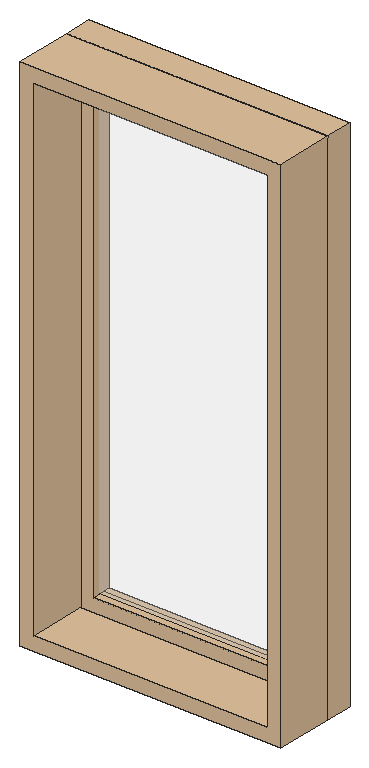
Revit family "M_Fixed", category Windows, host Wall, Revit 2017
Family settings
  Host = Wall
  OmniClass Number = 23.30.20.17.11
  OmniClass Title = Fixed Windows
  Always vertical = Yes
  Cut with Voids When Loaded = No
  Shared = No
  Room Calculation Point = No
Parameters (values of type "0610 x 1220mm")
  Visual Light Transmittance = 0.9
  Solar Heat Gain Coefficient = 0.78
  Construction Type Id = ""
  Heat Transfer Coefficient (U) = 3.6886 W/(m²·K)
  Frame Exterior Material = Sash
  Frame Interior Material = Sash
  Glass Pane Material = Glass
  Height = 1220 mm
  Sash = Sash
  Default Sill Height = 915 mm
  Wall Closure = By host
  Width = 610 mm
  Window Inset = 19 mm
  Analytic Construction = 1/8 in Pilkington single glazing
Types (10, lengths in mm): name | Height | Default Sill Height | Width
  (no name) | 1220 | 915 | 610
  0406 x 0610mm | 610 | 915 | 406
  0406 x 1220mm | 1220 | 915 | 406
  0610 x 0610mm | 610 | 915 | 610
  0610 x 1220mm | 1220 | 915 | 610
  0915 x 0610mm | 610 | 915 | 915
  0915 x 1220mm | 1220 | 915 | 915
  0406 x 1830mm | 1830 | 305 | 406
  0610 x 1830mm | 1830 | 305 | 610
  0915 x 1830mm | 1830 | 305 | 915
Reference planes
  plane 1: y = 0
  plane 2 "Center": x = 0
  plane 3 "Left": x = -305
  plane 4 "Right": x = 305
  plane 5 "Sill": z = 915
  plane 6 "Head": z = 2135
  plane 7: x = -286
  plane 8: x = 286
  plane 9: x = -273
  plane 10: x = 273
  plane 11: z = 2116
  plane 12: z = 2103
  plane 13: z = 947
  plane 14 "Closure": y = 66
Forms (mm)
  Extrusion 1, solid, material "Sash" <- "Frame Interior Material"
    sketch origin (0, 0, 0) x (-1, 0, 0) y (0, 0, 1)
      loop
        line (-305, 2135) -> (-305, 915) -> (305, 915) -> (305, 2135) -> (-305, 2135)
      loop
        line (-273, 2103) -> (-273, 947) -> (273, 947) -> (273, 2103) -> (-273, 2103)
    from -87 to 50
  Extrusion 2, solid, material "Sash" <- "Frame Exterior Material"
    sketch origin (0, 0, 0) x (-1, 0, 0) y (0, 0, 1)
      loop
        line (-305, 2135) -> (-305, 915) -> (305, 915) -> (305, 2135) -> (-305, 2135)
      loop
        line (-286, 2116) -> (-286, 934) -> (286, 934) -> (286, 2116) -> (-286, 2116)
    from 50 to 113
  Extrusion 3, solid, material "Sash" <- "Sash"
    sketch origin (0, 0, 0) x (-1, 0, 0) y (0, 0, 1)
      loop
        line (-286, 2116) -> (-286, 934) -> (286, 934) -> (286, 2116) -> (-286, 2116)
      loop
        line (-242, 2072) -> (-242, 978) -> (242, 978) -> (242, 2072) -> (-242, 2072)
    from 50 to 94
  Extrusion 4, solid, material "Glass" <- "Glass Pane Material"
    sketch origin (0, 0, 0) x (-1, 0, 0) y (0, 0, 1)
      loop
        line (-242, 2072) -> (-242, 978) -> (242, 978) -> (242, 2072) -> (-242, 2072)
    from 66 to 78
Lines and regions (mm)
  Opening 1
    outline origin (3500, -87, 0) x (1, 0, 0) y (0, 0, 1)
      loop
        line (-3195, 915) -> (-3195, 2135) -> (-3805, 2135) -> (-3805, 915) -> (-3195, 915)
  symbolic lines, style "WindowsFrameMullionProjection"
    curve 1: line (-305, 113, 0) -> (-286, 113, 0)
    curve 2: line (-305, -87, 0) -> (-273, -87, 0)
    curve 3: line (-286, 94, 0) -> (-242, 94, 0)
    curve 4: line (-286, 50, 0) -> (-242, 50, 0)
    curve 5: line (-286, 113, 0) -> (-286, 50, 0)
    curve 6: line (-242, 94, 0) -> (-242, 50, 0)
    curve 7: line (-273, 50, 0) -> (-273, -87, 0)
    curve 8: line (303.878, 113, 0) -> (286, 113, 0)
    curve 9: line (286, 113, 0) -> (286, 50, 0)
    curve 10: line (286, 94, 0) -> (242, 94, 0)
    curve 11: line (242, 94, 0) -> (242, 50, 0)
    curve 12: line (242, 50, 0) -> (286, 50, 0)
    curve 13: line (305, -87, 0) -> (273, -87, 0)
    curve 14: line (273, 50, 0) -> (273, -87, 0)
  symbolic lines, style "WindowsGlassProjection"
    curve 15: line (-242, 72, 0) -> (242, 72, 0)
Text (mm)
  text "EXTERIOR" at (-1394.263, 836.427, 0), in view "Floor Line"
  text "INTERIOR" at (-1394.263, -535.979, 0), in view "Floor Line"
  text "Exterior" at (0, 314.263, 3273.967), in view "Right"
  text "Exterior" at (0, 999.457, 3063.296), in view "Left"
Dimensions and locks
  equal spacing: plane 3 "Left", plane 2 "Center", plane 4 "Right"
  "Width": plane 3 "Left" to plane 4 "Right"
  "Height": plane 5 "Sill" to plane 6 "Head"
  "Default Sill Height": plane 5 "Sill" to level
  "Window Inset": host wall to Extrusion 3
  locked: Extrusion 3 to Extrusion 3 at 44
  locked: Extrusion 3 to Extrusion 4 at 16
  locked: Extrusion 4 to Extrusion 4 at 12
  locked: Extrusion 1 sketch curve to Extrusion 1 sketch curve at 32  (x2)
  locked: plane 3 "Left" to plane 7 at 19
  locked: plane 8 to plane 4 "Right" at 19
  locked: plane 10 to plane 4 "Right" at 32
  locked: plane 3 "Left" to plane 9 at 32
  locked: plane 11 to plane 6 "Head" at 19
  locked: plane 6 "Head" to plane 12 at 32
  locked: plane 13 to plane 5 "Sill" at 32
  locked: plane 14 "Closure" to host wall at 47
  aligned and locked: host wall to Extrusion 1
  aligned and locked: host wall to Extrusion 2
  aligned and locked: Extrusion 3 sketch curve to Extrusion 2  (x4)
  aligned and locked: Extrusion 3 to Extrusion 1
  aligned and locked: Extrusion 2 to Extrusion 1
  aligned and locked: Extrusion 4 sketch curve to Extrusion 3  (x4)
  aligned and locked: curve 1 to Extrusion 2  (x2)
  aligned and locked: Extrusion 1 to curve 2
  aligned and locked: curve 3 to Extrusion 3
  aligned and locked: curve 4 to Extrusion 2  (x2)
  aligned and locked: curve 5 to Extrusion 2
  aligned and locked: curve 6 to Extrusion 3
  aligned and locked: curve 7 to Extrusion 1
  aligned and locked: Extrusion 2 to curve 9
  aligned and locked: curve 10 to Extrusion 3
  aligned and locked: curve 11 to Extrusion 3
  aligned and locked: Extrusion 3 to curve 12
  aligned and locked: curve 13 to Extrusion 1  (x2)
  aligned and locked: curve 14 to Extrusion 1
  aligned and locked: Extrusion 2 to curve 8
Automatic sketch dimensions
  Extrusion 1 sketch curve to plane 5 "Sill" = 32 mm
  plane 6 "Head" to Extrusion 1 sketch curve = 32 mm
  plane 4 "Right" to Extrusion 2 sketch curve = 19 mm
  Extrusion 2 sketch curve to Extrusion 2 sketch curve = 19 mm
  Extrusion 2 sketch curve to plane 5 "Sill" = 19 mm
  plane 6 "Head" to Extrusion 2 sketch curve = 19 mm
  Extrusion 3 sketch curve to Extrusion 3 sketch curve = 44 mm
  Extrusion 3 sketch curve to plane 3 "Left" = 63 mm
  Extrusion 3 sketch curve to plane 5 "Sill" = 63 mm
  plane 6 "Head" to Extrusion 3 sketch curve = 63 mm
  Extrusion 1 sketch curve to plane 4 "Right" = 0 mm
  Extrusion 1 sketch curve to plane 3 "Left" = 0 mm
  Extrusion 1 sketch curve to plane 5 "Sill" = 0 mm
  Extrusion 1 sketch curve to plane 6 "Head" = 0 mm
  Extrusion 2 sketch curve to plane 4 "Right" = 0 mm
  Extrusion 2 sketch curve to plane 3 "Left" = 0 mm
  Extrusion 2 sketch curve to plane 5 "Sill" = 0 mm
  Extrusion 2 sketch curve to plane 6 "Head" = 0 mm
  plane 4 "Right" to curve 8 = 1.122 mm
  curve 15 to curve 3 = 22 mm
  curve 2 to host wall = 0 mm
  Opening 1 sketch curve to plane 3 "Left" = 0 mm
  Opening 1 sketch curve to plane 4 "Right" = 0 mm
  Opening 1 sketch curve to plane 5 "Sill" = 0 mm
  Opening 1 sketch curve to plane 6 "Head" = 0 mm
